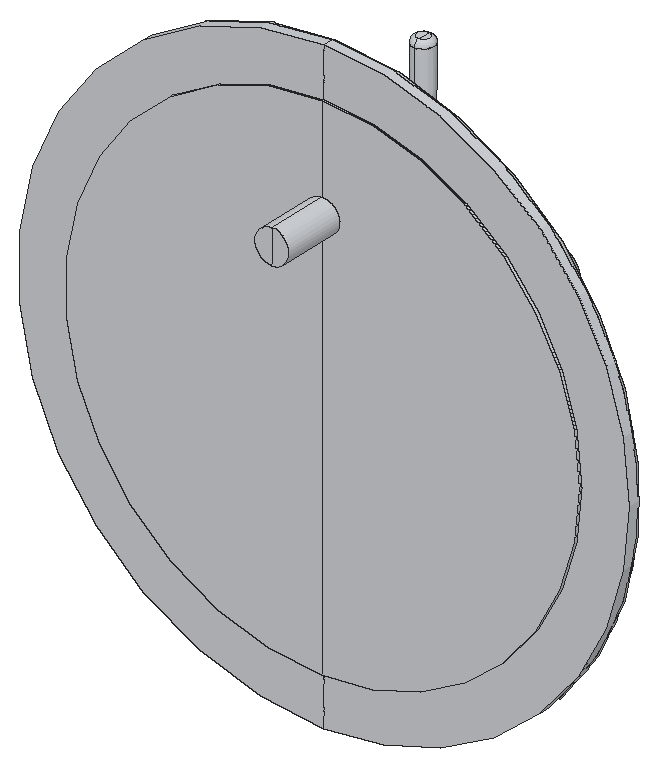
Revit family "CPT-4640", category Plumbing Equipment, host Wall, Revit 2023
Family settings
  Host = Wall
  Round Connector Dimension = Use Diameter
  Classification = None
  Part Type = Normal
  Always vertical = Yes
  Cut with Voids When Loaded = No
  Maintain Annotation Orientation = No
  Shared = No
  Room Calculation Point = No
Parameters
  Material = Steel
  Default Elevation = 0' - 0"
Reference planes (in)
  plane 1: y = 0
  plane 2 "Center (Left/Right)": x = 0
  plane 3 "Wall Edge": y = 3
  plane 4: z = 72
  plane 5: y = 6.78125
  plane 6: z = 68.5625
  plane 7: z = 74
  plane 8: y = 3.5
Lines and regions (in)
  symbolic lines, not visible
    curve 1: circle (0, 6.78125, 72) r 1.0235 normal (0, -1, 0)
Dimensions and locks (in)
  locked: plane 3 "Wall Edge" to host wall
  plane 6 to plane 4 = 0' - 3 7/16"
  nested 1 to plane 7 to plane 4 = 0' - 1 3/8", 0' - 2"
  nested 1 to plane 3 "Wall Edge" = 0' - 4 1/16"
  nested 1 to plane 3 "Wall Edge" = 0' - 1 3/4"
  plane 8 to plane 3 "Wall Edge" = 0' - 0 1/2"
  diameter of curve 1 = 0' - 2.047"
  diameter of nested 1 = 0' - 7 15/16"
  diameter of nested 1 = 0' - 0 13/16"
Nested families (in)
  nested 1: "AA" at (0, 3, 72) x (-1, 0, 0) z (0, 1, 0), type "AA"
Definition of nested family "AA"
  Parameters (values of type "AA")
    Material = none
    Default Elevation = 4' - 0"
  Reference planes (in)
    plane 1 "Center (Front/Back)": y = 0
    plane 2: z = 0
    plane 3 "Center (Left/Right)": x = 0
    plane 4: z = 4.0625
  Forms (in)
    Extrusion 1, solid
      sketch origin (0, 0, 0) x (1, 0, 0) y (0, 1, 0)
        loop
          line (-48, 48) -> (-48, -48) -> (48, -48) -> (48, 48) -> (-48, 48)
      from 0 to -12
    Revolve 2, solid, material <- "Material"
      sketch origin (0, -72, -3) x (0, 0, 1) y (0, 1, 0)
        loop
          line (2.96921, 72) -> (3.5, 72) -> (3.5, 75.31446)
          arc (3.5, 75.31446) -> (3.48686, 75.34619) -> (3.45513, 75.35933) r 0.04487
          line (3.45513, 75.35933) -> (3.36971, 75.35933) -> (3.36971, 75.48764)
          arc (3.36971, 75.48764) -> (3.24018, 75.66635) -> (3.19438, 75.88226) r 0.53173
          line (3.19438, 75.88226) -> (3.19438, 75.91458)
          arc (3.19438, 75.91458) -> (3.17851, 75.95288) -> (3.14021, 75.96875) r 0.05417
          line (3.14021, 75.96875) -> (3, 75.96875) -> (3, 75.33699) -> (2.96921, 75.33699) -> (2.96921, 72)
        axis (2.96921, 72) -> (3.5, 72)
      angle from 0 to 360
    Revolve 3, solid, material <- "Material"
      sketch origin (0, -72, -3) x (0, 0, 1) y (0, 1, 0)
        loop
          line (5.38065, 73.03125) -> (4.89269, 73.03125)
          arc (4.89269, 73.03125) -> (4.87462, 73.02458) -> (4.86521, 73.00778) r 0.02782
          line (4.86521, 73.00778) -> (3.5, 73.00778) -> (3.5, 72) -> (6.20428, 72) -> (6.20428, 72.25)
          arc (6.20428, 72.25) -> (6.02869, 72.29492) -> (5.89624, 72.41863) r 0.36566
          line (5.89624, 72.41863) -> (5.89624, 72.45501)
          arc (5.89624, 72.45501) -> (5.88102, 72.48927) -> (5.8454, 72.50094) r 0.04617
          line (5.8454, 72.50094) -> (5.80061, 72.50094) -> (5.80061, 72.83625)
          arc (5.80061, 72.83625) -> (5.71637, 72.89645) -> (5.68207, 72.99415) r 0.17167
          arc (5.68207, 72.99415) -> (5.67045, 73.02045) -> (5.64379, 73.03125) r 0.0383
          line (5.64379, 73.03125) -> (5.4234, 73.03125)
          arc (5.4234, 73.03125) -> (5.40829, 73.02499) -> (5.40203, 73.00987) r 0.02138
          arc (5.40203, 73.00987) -> (5.39577, 73.02499) -> (5.38065, 73.03125) r 0.02138
        axis (3.5, 72) -> (6.20428, 72)
      angle from 0 to 360
    SweptBlend 4, solid, material <- "Material"
      path origin (0, -72, -3) x (0, 0, 1) y (0, 1, 0)
        loop
          line (6.78125, 68.6548) -> (6.78125, 71.36749)
      profile origin (0, -3.3452, 3.78125) x (0, 0, -1) y (-1, 0, 0)
        loop
          circle (0, 0) r 0.28125
      end profile origin (0, -0.63251, 3.78125) x (0, 0, -1) y (-1, 0, 0)
        loop
          circle (0, 0) r 0.25
    Revolve 5, solid, material <- "Material"
      sketch origin (0, -3.3452, 3.78125) x (1, 0, 0) y (0, 1, 0)
        loop
          line (0, 0) -> (0, -0.0923) -> (0.18052, -0.0923)
          arc (0.18052, -0.0923) -> (0.24883, -0.06573) -> (0.28125, 0) r 0.10111
          line (0.28125, 0) -> (0, 0)
        axis (0, 0) -> (0, -0.0923)
      angle from 0 to 360
    Sweep 6, solid, material <- "Material"
      path origin (0, -72, -3) x (0, 0, 1) y (0, 1, 0)
        loop
          line (6.78125, 70.68428) -> (6.78125, 71.42303)
          arc (6.78125, 71.42303) -> (6.61226, 71.83101) -> (6.20428, 72) r 0.57697
          line (6.20428, 72) -> (5.37181, 72)
      profile origin (0, 0, 2.78805) x (-1, 0, 0) y (0, -1, 0)
        loop
          circle (0, 0) r 0.25
    Extrusion 7, void
      sketch origin (0, 0, 0.5) x (0, 1, 0) y (1, 0, 0)
        loop
          circle (1.71142, -2.03972) r 0.09375
        loop
          circle (-1.7075, -2.03972) r 0.09375
      from 0 to 0.0625
    Revolve 8, solid, material <- "Material"
      sketch origin (0, -72, -3) x (0, 0, 1) y (0, 1, 0)
        loop
          line (4.05398, 74.40625) -> (3.5, 74.40625) -> (3.5, 74.22059) -> (2.15607, 74.22059) -> (2.15607, 74) -> (4.37423, 74) -> (4.37423, 74.125) -> (4.29313, 74.125)
          arc (4.29313, 74.125) -> (4.22286, 74.1455) -> (4.17464, 74.20056) r 0.13068
          line (4.17464, 74.20056) -> (4.17464, 74.24304)
          arc (4.17464, 74.24304) -> (4.16457, 74.26735) -> (4.14026, 74.27742) r 0.03438
          line (4.14026, 74.27742) -> (4.09601, 74.27742) -> (4.09601, 74.36422)
          arc (4.09601, 74.36422) -> (4.0837, 74.39394) -> (4.05398, 74.40625) r 0.04203
        axis (4.37423, 74) -> (2.15607, 74)
      angle from 0 to 360
    SweptBlend 9, solid, material <- "Material"
      path origin (0, -72, -3) x (0, 0, 1) y (0, 1, 0)
        loop
          line (4.60938, 75.29693) -> (4.60938, 74.18912)
      profile origin (0, 3.29693, 1.60937) x (0, 0, 1) y (-1, 0, 0)
        loop
          circle (0, 0) r 0.14062
      end profile origin (0, 2.18912, 1.60937) x (0, 0, 1) y (-1, 0, 0)
        loop
          circle (0, 0) r 0.125
    Sweep 10, solid, material <- "Material"
      path origin (0, -72, -3) x (0, 0, 1) y (0, 1, 0)
        loop
          line (4.2699, 74) -> (4.42026, 74)
          arc (4.42026, 74) -> (4.55398, 74.05539) -> (4.60938, 74.18912) r 0.18912
          line (4.60938, 74.18912) -> (4.60938, 74.72505)
      profile origin (0, 2.45708, 1.60937) x (0, 0, -1) y (-1, 0, 0)
        loop
          circle (0, 0) r 0.125
    Revolve 11, solid, material <- "Material"
      sketch origin (0, -72, -3) x (0, 0, 1) y (0, 1, 0)
        loop
          line (4.60938, 75.29693) -> (4.60938, 75.375) -> (4.52351, 75.375)
          arc (4.52351, 75.375) -> (4.4835, 75.34482) -> (4.46875, 75.29693) r 0.0814
          line (4.46875, 75.29693) -> (4.60938, 75.29693)
        axis (4.60938, 75.375) -> (4.60938, 75.29693)
      angle from 0 to 360
    Extrusion 12, void
      sketch origin (0.11719, -0.00781, 0.5) x (0, 1, 0) y (1, 0, 0)
        loop
          circle (2.53345, -0.90829) r 0.09375
      from 0 to 0.0625
    Extrusion 13, void
      sketch origin (-0.16406, -0.00781, 0.5) x (0, -1, 0) y (-1, 0, 0)
        loop
          circle (-2.53345, -0.90829) r 0.09375
      from 0 to 0.0625
  Cuts and joins
    Extrusion 7, Extrusion 12, Extrusion 13 cuts Revolve 2
    joined: SweptBlend 4, Sweep 6
    joined: SweptBlend 9, Sweep 10
  Dimensions and locks (in)
    aligned and locked: Extrusion 1 to plane 2
    aligned and locked: Extrusion 1 to level
